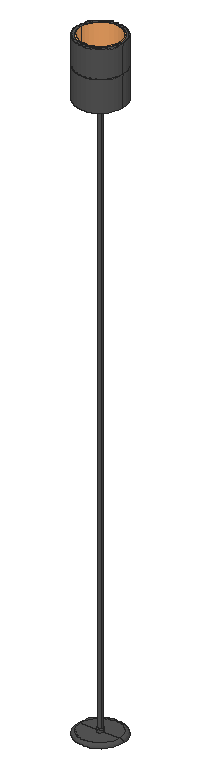
Revit family "MELO CYLINDER PENDANT LIGHT", category Lighting Fixtures, host Face, Revit 2020 (continued)
Types (16): name | Wattage_Input | Wattage Comments | Wattage | Voltage_Input | Size 08 | Size 06 | Size 04 | Selectable Wattage | Photometric Web File | Pendent Rod Length_1 | Pendent | Order number | built-in parameter 1150142 | Model | built-in parameter 1150105 | Lumens | built-in parameter 1150106 | Fixture Diameter | Canopy for Surface Mount J-box | Canopy for Recessed J-Box | Canopy Height | C2 H | C1 H | BEAMING ANGLE
     \r\n 0.15     0.15     0.15     0.15     0.15     0.15     0.15     0.15     0.16     0.16     \r\n 0.17     0.18     0.18     0.21     0.21     0.21     0.21     0.22     0.24     0.26     \r\n 0.28     0.28     0.29     0.30     0.31     0.36     0.37     0.38     0.42     0.44     \r\n 0.49     0.53     0.58     0.65     0.71     0.80     0.88     1.01     1.11     1.27     \r\n 1.45     1.70     1.94     2.29     2.66     3.11     3.65     4.22     4.87     5.59     \r\n 6.34     7.15     7.99     8.88     9.79     10.71    11.66    12.59    13.58    14.52    \r\n 15.49    16.42    17.33    18.21    19.05    19.85    20.62    21.38    22.15    22.93    \r\n 23.70    24.47    25.22    25.93    26.64    27.35    28.01    28.56    29.00    29.29    \r\n 29.87    \r\n18223.93 18314.72 18300.13 18171.33 17933.88 17585.65 17217.68 16844.61 16475.84 16154.73 \r\n 15865.19 15544.12 15212.26 14796.75 14239.27 13523.63 12631.13 11602.38 10463.26 9261.34  \r\n 8009.05  6784.73  5587.50  4469.01  3599.16  2988.28  2379.72  1965.07  1652.12  1395.41  \r\n 1194.14  1024.73  883.91   765.81   661.26   552.38   456.39   387.77   318.29   249.10   \r\n 204.53   174.13   150.60   132.03   117.53   106.72   99.10    93.45    88.96    84.72    \r\n 79.62    62.94    53.64    48.49    44.51    42.07    40.09    38.53    37.22    35.83    \r\n 34.25    32.72    30.84    29.20    27.60    26.02    24.51    23.06    21.64    20.29    \r\n 18.98    17.70    16.47    15.30    14.15    13.07    12.00    10.98    10.01    9.07     \r\n 8.17     7.29     6.44     5.63     4.86     4.10     3.39     2.68     2.01     1.38     \r\n 0.75     0.19     0.11     0.11     0.11     0.12     0.12     0.13     0.13     0.13     \r\n 0.14     0.14     0.15     0.15     0.15     0.16     0.17     0.17     0.18     0.18     \r\n 0.19     0.19     0.20     0.21     0.21     0.22     0.24     0.25     0.26     0.27     \r\n 0.27     0.29     0.29     0.31     0.32     0.34     0.36     0.39     0.42     0.44     \r\n 0.48     0.52     0.57     0.63     0.69     0.75     0.83     0.93     1.03     1.16     \r\n 1.31     1.50     1.72     1.98     2.31     2.71     3.17     3.69     4.27     4.94     \r\n 5.63     6.40     7.19     8.05     8.96     9.90     10.83    11.78    12.75    13.71    \r\n 14.67    15.61    16.53    17.44    18.32    19.15    19.98    20.79    21.56    22.35    \r\n 23.13    23.95    24.77    25.57    26.35    27.16    27.91    28.59    29.16    29.56    \r\n 29.87    \r\n18175.45 18267.21 18251.95 18114.46 17869.68 17502.73 17137.64 16777.28 16426.35 16095.25 \r\n 15799.10 15489.63 15161.23 14772.01 14246.36 13546.95 12682.45 11671.68 10546.31 9353.62  \r\n 8127.88  6876.95  5658.69  4521.58  3625.46  2926.97  2393.30  1974.50  1653.98  1391.72  \r\n 1189.76  1015.49  874.38   754.20   649.42   542.57   446.89   379.82   305.86   248.22   \r\n 203.65   173.13   150.30   131.29   117.20   106.47   98.93    93.18    88.44    84.14    \r\n 79.52    62.86    53.34    48.15    44.08    41.79    39.73    38.06    36.66    35.20    \r\n 33.65    32.23    30.58    29.00    27.41    25.87    24.36    22.91    21.52    20.19    \r\n 18.87    17.63    16.41    15.26    14.10    13.03    11.96    10.96    9.97     9.02     \r\n 8.11     7.23     6.40     5.55     4.79     4.06     3.34     2.65     1.94     1.34     \r\n 0.75     0.20     0.14     0.14     0.14     0.14     0.14     0.14     0.14     0.14     \r\n 0.14     0.14     0.14     0.14     0.14     0.14     0.14     0.14     0.15     0.16     \r\n 0.17     0.17     0.19     0.20     0.21     0.21     0.21     0.21     0.22     0.23     \r\n 0.24     0.27     0.28     0.29     0.30     0.33     0.38     0.38     0.38     0.42     \r\n 0.45     0.50     0.54     0.60     0.65     0.73     0.81     0.89     1.00     1.13     \r\n 1.28     1.47     1.69     1.97     2.31     2.69     3.17     3.70     4.28     4.94     \r\n 5.65     6.42     7.21     8.07     8.96     9.87     10.81    11.73    12.69    13.64    \r\n 14.64    15.57    16.48    17.37    18.24    19.07    19.88    20.67    21.45    22.24    \r\n 23.04    23.87    24.68    25.50    26.31    27.10    27.84    28.54    29.11    29.55    \r\n 29.87    \r\n18090.41 18194.97 18194.96 18070.55 17848.57 17500.87 17138.38 16791.23 16436.60 16124.80 \r\n 15828.26 15511.15 15198.94 14821.07 14317.70 13661.96 12842.33 11875.05 10784.60 9618.27  \r\n 8366.53  7105.22  5870.50  4710.73  3796.79  3142.61  2490.91  2048.41  1708.09  1426.39  \r\n 1207.61  1025.99  876.89   751.89   641.42   535.46   436.93   373.30   307.63   242.22   \r\n 198.19   168.03   146.05   129.69   116.96   107.39   99.83    93.90    89.03    84.64    \r\n 79.94    65.85    53.73    48.48    44.29    41.80    39.65    37.90    36.48    35.07    \r\n 33.55    32.16    30.58    29.00    27.42    25.86    24.36    22.92    21.51    20.15    \r\n 18.85    17.60    16.37    15.21    14.06    12.97    11.91    10.91    9.94     9.00     \r\n 8.12     7.23     6.40     5.59     4.83     4.08     3.37     2.66     2.01     1.38     \r\n 0.77     0.20     0.11     0.11     0.12     0.12     0.12     0.12     0.13     0.14     \r\n 0.14     0.14     0.14     0.15     0.15     0.16     0.16     0.17     0.18     0.19     \r\n 0.19     0.19     0.20     0.21     0.22     0.22     0.23     0.24     0.25     0.27     \r\n 0.28     0.28     0.30     0.31     0.33     0.35     0.36     0.39     0.41     0.43     \r\n 0.48     0.51     0.56     0.61     0.66     0.73     0.81     0.90     1.01     1.14     \r\n 1.28     1.47     1.69     1.94     2.26     2.65     3.10     3.61     4.18     4.83     \r\n 5.53     6.29     7.07     7.94     8.84     9.78     10.72    11.66    12.63    13.60    \r\n 14.55    15.46    16.38    17.27    18.15    18.98    19.78    20.59    21.35    22.14    \r\n 22.96    23.79    24.65    25.49    26.29    27.10    27.86    28.56    29.14    29.62    \r\n 29.87    \r\n18055.72 18137.42 18096.68 17938.77 17675.01 17322.00 16969.73 16612.30 16295.70 15996.38 \r\n 15691.11 15371.69 15045.09 14622.50 14066.94 13346.13 12462.71 11442.36 10344.13 9154.99  \r\n 7889.82  6606.11  5384.28  4319.08  3489.38  2826.69  2314.46  1912.24  1598.46  1370.97  \r\n 1144.32  969.41   831.57   711.41   608.88   499.09   410.79   343.27   278.43   224.15   \r\n 184.60   158.57   141.45   124.42   113.33   104.73   98.06    92.62    87.92    83.38    \r\n 78.37    58.96    52.44    47.22    43.37    41.07    38.93    37.33    35.99    34.61    \r\n 33.12    31.78    29.97    28.36    26.80    25.27    23.79    22.36    20.99    19.68    \r\n 18.39    17.17    15.97    14.83    13.68    12.62    11.57    10.59    9.62     8.67     \r\n 7.78     6.89     6.10     5.28     4.54     3.82     3.12     2.45     1.76     1.17     \r\n 0.58     0.16     0.14     0.14     0.14     0.14     0.14     0.14     0.14     0.14     \r\n 0.14     0.14     0.14     0.14     0.14     0.14     0.14     0.15     0.15     0.16     \r\n 0.16     0.17     0.18     0.19     0.21     0.22     0.22     0.22     0.23     0.23     \r\n 0.25     0.28     0.29     0.29     0.31     0.32     0.39     0.39     0.40     0.46     \r\n 0.45     0.52     0.54     0.60     0.66     0.73     0.81     0.91     1.02     1.16     \r\n 1.32     1.52     1.73     2.03     2.38     2.79     3.27     3.81     4.40     5.08     \r\n 5.80     6.56     7.37     8.23     9.13     10.04    10.97    11.91    12.88    13.84    \r\n 14.82    15.77    16.67    17.55    18.41    19.24    20.04    20.83    21.62    22.42    \r\n 23.24    24.05    24.87    25.67    26.45    27.21    27.92    28.57    29.12    29.56    \r\n 29.87    \r\n17996.17 18064.90 18005.35 17838.52 17555.35 17183.47 16835.25 16506.35 16187.53 15900.54 \r\n 15598.38 15281.30 14928.48 14482.48 13881.33 13119.22 12218.63 11179.46 10068.37 8861.89  \r\n 7574.24  6289.07  5105.44  4116.32  3410.62  2707.42  2218.82  1830.68  1530.49  1285.44  \r\n 1097.47  935.78   801.82   686.77   591.29   477.98   396.19   327.31   269.58   212.11   \r\n 175.79   151.54   134.22   121.14   110.61   102.55   96.37    91.36    86.98    82.57    \r\n 76.50    56.62    51.29    46.19    42.88    40.61    38.59    37.05    35.67    34.24    \r\n 32.85    31.45    29.58    28.01    26.45    24.91    23.43    22.01    20.65    19.33    \r\n 18.06    16.82    15.63    14.48    13.36    12.29    11.26    10.29    9.35     8.43     \r\n 7.56     6.70     5.91     5.12     4.37     3.65     2.96     2.28     1.65     1.03     \r\n 0.44     0.11     0.12     0.12     0.13     0.12     0.13     0.13     0.14     0.13     \r\n 0.14     0.15     0.15     0.15     0.16     0.16     0.17     0.18     0.18     0.18     \r\n 0.19     0.20     0.20     0.21     0.22     0.23     0.24     0.26     0.26     0.27     \r\n 0.28     0.29     0.30     0.32     0.34     0.35     0.37     0.41     0.43     0.46     \r\n 0.50     0.55     0.59     0.64     0.71     0.78     0.86     0.96     1.08     1.22     \r\n 1.38     1.59     1.82     2.12     2.46     2.88     3.35     3.92     4.50     5.20     \r\n 5.91     6.68     7.51     8.39     9.30     10.23    11.18    12.12    13.10    14.06    \r\n 15.01    15.94    16.85    17.75    18.63    19.45    20.28    21.07    21.88    22.68    \r\n 23.47    24.30    25.10    25.89    26.65    27.40    28.10    28.72    29.25    29.67    \r\n 29.87    \r\n17961.43 17980.09 17873.00 17650.59 17309.65 16957.96 16609.46 16273.21 15963.37 15672.10 \r\n 15335.89 15026.54 14601.76 14078.20 13395.79 12568.63 11595.72 10510.65 9355.45  8092.50  \r\n 6801.30  5563.88  4512.60  3649.58  2966.37  2418.19  1988.23  1646.22  1403.83  1162.43  \r\n 987.47   842.32   720.42   616.43   513.27   416.44   351.25   289.62   235.94   192.94   \r\n 162.99   144.49   126.09   114.07   104.87   97.89    92.54    87.99    83.88    79.48    \r\n 65.75    53.68    48.48    44.03    41.49    39.46    37.76    36.41    35.08    33.56    \r\n 32.21    30.43    28.78    27.22    25.67    24.18    22.72    21.34    20.01    18.73    \r\n 17.46    16.27    15.11    14.00    12.87    11.84    10.83    9.87     8.92     8.00     \r\n 7.13     6.30     5.51     4.73     4.00     3.31     2.61     1.97     1.31     0.72     \r\n 0.21     0.14     0.14     0.14     0.14     0.14     0.13     0.13     0.14     0.15     \r\n 0.15     0.15     0.15     0.15     0.15     0.15     0.15     0.15     0.16     0.15     \r\n 0.17     0.20     0.23     0.24     0.23     0.23     0.23     0.23     0.23     0.25     \r\n 0.26     0.29     0.29     0.30     0.31     0.39     0.39     0.39     0.42     0.45     \r\n 0.53     0.53     0.58     0.67     0.73     0.83     0.88     0.99     1.11     1.28     \r\n 1.47     1.68     1.95     2.29     2.68     3.13     3.66     4.23     4.88     5.59     \r\n 6.35     7.14     7.98     8.86     9.77     10.70    11.63    12.57    13.54    14.51    \r\n 15.48    16.40    17.32    18.21    19.07    19.90    20.72    21.52    22.34    23.15    \r\n 23.98    24.82    25.57    26.33    27.04    27.71    28.35    28.90    29.36    29.67    \r\n 29.87    \r\n17911.85 17898.73 17772.43 17506.56 17169.34 16820.79 16465.41 16126.22 15807.69 15502.31 \r\n 15146.69 14785.79 14327.94 13754.68 13009.73 12131.12 11125.38 10027.54 8829.63  7568.89  \r\n 6285.73  5117.75  4149.12  3435.97  2725.15  2219.07  1835.25  1523.60  1278.85  1078.72  \r\n 912.05   780.62   665.02   569.94   464.98   383.83   326.90   272.58   218.46   181.07   \r\n 154.55   136.04   121.47   110.22   101.80   95.26    90.20    85.85    81.74    76.74    \r\n 58.33    51.66    46.70    42.97    40.69    38.74    37.21    35.85    34.51    33.00    \r\n 31.63    29.87    28.30    26.75    25.22    23.72    22.28    20.91    19.59    18.30    \r\n 17.06    15.87    14.71    13.59    12.52    11.48    10.49    9.56     8.63     7.73     \r\n 6.88     6.06     5.28     4.51     3.78     3.09     2.41     1.75     1.14     0.54     \r\n 0.11     0.11     0.11     0.11     0.12     0.12     0.12     0.13     0.13     0.13     \r\n 0.14     0.14     0.14     0.15     0.16     0.16     0.17     0.18     0.18     0.18     \r\n 0.19     0.20     0.21     0.21     0.22     0.23     0.24     0.25     0.26     0.28     \r\n 0.28     0.29     0.31     0.33     0.35     0.37     0.39     0.42     0.45     0.48     \r\n 0.53     0.57     0.63     0.70     0.77     0.85     0.94     1.07     1.20     1.37     \r\n 1.56     1.79     2.07     2.43     2.82     3.29     3.83     4.42     5.08     5.81     \r\n 6.57     7.40     8.26     9.18     10.11    11.05    12.00    12.97    13.93    14.89    \r\n 15.82    16.72    17.64    18.49    19.35    20.17    20.95    21.73    22.52    23.35    \r\n 24.21    25.08    25.90    26.69    27.44    28.12    28.76    29.29    29.69    29.95    \r\n 29.87    \r\n17861.09 17786.03 17605.76 17279.77 16938.99 16586.36 16243.96 15910.58 15586.68 15234.68 \r\n 14872.55 14440.77 13899.31 13227.61 12391.15 11420.73 10352.90 9193.67  7973.91  6690.16  \r\n 5456.08  4396.80  3547.77  2860.86  2332.38  1919.94  1606.28  1371.30  1136.89  955.24   \r\n 819.10   702.18   604.05   506.76   412.02   351.28   292.25   239.71   195.07   164.90   \r\n 145.69   126.58   113.87   104.31   97.35    91.83    87.16    82.99    78.75    67.16    \r\n 54.35    49.14    44.55    41.77    39.60    37.83    36.36    34.96    33.50    32.14    \r\n 30.56    28.99    27.45    25.90    24.41    22.97    21.57    20.23    18.94    17.70    \r\n 16.47    15.34    14.19    13.12    12.03    11.04    10.06    9.11     8.20     7.28     \r\n 6.45     5.64     4.87     4.12     3.41     2.70     2.04     1.42     0.77     0.24     \r\n 0.15     0.14     0.14     0.14     0.14     0.14     0.14     0.14     0.14     0.14     \r\n 0.15     0.15     0.15     0.15     0.15     0.15     0.15     0.15     0.16     0.16     \r\n 0.17     0.21     0.23     0.24     0.24     0.24     0.24     0.24     0.24     0.27     \r\n 0.29     0.29     0.29     0.31     0.33     0.36     0.37     0.46     0.46     0.49     \r\n 0.52     0.58     0.66     0.72     0.82     0.89     1.00     1.13     1.28     1.47     \r\n 1.69     1.98     2.30     2.68     3.12     3.65     4.23     4.86     5.57     6.33     \r\n 7.12     7.97     8.84     9.75     10.69    11.60    12.54    13.51    14.44    15.38    \r\n 16.33    17.25    18.14    18.98    19.83    20.64    21.40    22.19    22.98    23.77    \r\n 24.56    25.35    26.12    26.90    27.63    28.29    28.87    29.35    29.70    29.89    \r\n 29.87    \r\n17815.32 17730.96 17522.97 17203.64 16863.27 16525.42 16164.02 15829.69 15488.75 15142.83 \r\n 14767.43 14311.29 13763.41 13061.68 12188.71 11181.96 10077.01 8908.83  7665.35  6392.73  \r\n 5184.83  4171.29  3431.70  2694.80  2198.97  1809.94  1515.66  1273.51  1078.66  907.97   \r\n 780.96   675.05   581.66   482.11   398.14   339.91   282.95   226.16   184.51   157.87   \r\n 138.10   123.36   111.92   103.47   96.95    91.74    87.38    83.50    79.05    63.02    \r\n 53.98    48.72    44.49    41.89    39.63    37.73    36.18    34.76    33.22    31.87    \r\n 30.32    28.77    27.22    25.68    24.19    22.74    21.36    20.03    18.73    17.49    \r\n 16.29    15.13    14.01    12.90    11.85    10.87    9.91     8.96     8.05     7.17     \r\n 6.34     5.53     4.75     4.00     3.29     2.60     1.93     1.31     0.69     0.13     \r\n 0.09     0.10     0.11     0.11     0.11     0.12     0.12     0.13     0.13     0.13     \r\n 0.14     0.14     0.15     0.15     0.15     0.16     0.17     0.18     0.19     0.19     \r\n 0.20     0.20     0.21     0.21     0.23     0.23     0.24     0.26     0.27     0.28     \r\n 0.29     0.30     0.32     0.35     0.36     0.39     0.41     0.45     0.49     0.53     \r\n 0.57     0.63     0.70     0.77     0.85     0.94     1.06     1.19     1.36     1.54     \r\n 1.78     2.05     2.38     2.79     3.25     3.77     4.35     5.00     5.70     6.48     \r\n 7.28     8.12     9.03     9.96     10.89    11.83    12.78    13.72    14.69    15.61    \r\n 16.49    17.39    18.26    19.13    19.96    20.77    21.55    22.33    23.12    23.88    \r\n 24.68    25.47    26.20    26.92    27.61    28.26    28.82    29.31    29.63    29.80    \r\n 29.87    \r\n17770.04 17644.71 17381.74 17046.63 16722.73 16365.53 16016.51 15665.69 1531
